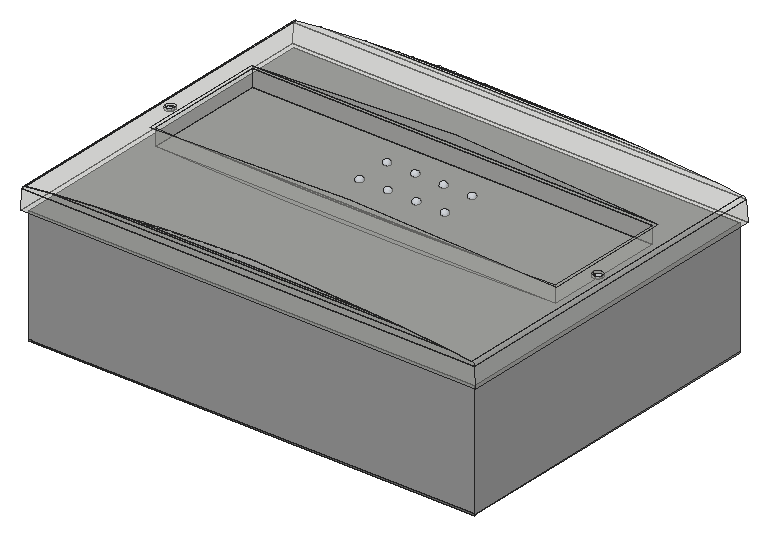
Revit family "Maxlogic Conventional Sounder expansion panel", category Fire Alarm Devices, host Face, Revit 2022
Family settings
  Host = Face
  Round Connector Dimension = Use Diameter
  Part Type = Normal
  OmniClass Number = 23.85.30.21
  OmniClass Title = Environmental Detection/Registration
  Cut with Voids When Loaded = No
  Maintain Annotation Orientation = Yes
  Shared = No
  Room Calculation Point = No
Parameters (values of type "Maxlogic Conventional Sounder expansion panel")
  Weight = ""
  Weatherproof surface mounting back box = ""
  Warranty Duration Unit = "Year"
  Warranty Duration Parts = "2"
  Warranty Duration Labor = "2"
  Version = ""
  URL = "https://www.mavili.com.tr/en"
  Recessed mounting base = ""
  Public Works Pose Number = ""
  Protection Sign = ""
  Product Code = "ML-0314"
  Phone Number = "(+)90 216 466 45 05"
  Operatonal Voltage (default) = ""
  Operating voltage range = ""
  Operating temperature = "(-5°C) - (+50°C)"
  Nominal Depth = "130 mm"
  Nominal Width = "400 mm"
  Nominal Height = "300 mm"
  Mounting surface = "Wall mount"
  Mounting height = ""
  Model = "Maxlogic"
  Manufacturer = "Mavili Elektronik Ticaret A.Ş."
  Installation Manual = "https://mavilielektronik.com/Revit/ML0314_kk.pdf"
  Indicator output = ""
  Fax Number = "(+)90 216 466 45 10"
  External supply = "220 V AC"
  Email = "mavili@mavili.com.tr"
  Disclaimer = ""
  Device Adress Setup = ""
  Description = "Conventional Sounder expansion panel"
  Default Elevation = 0 mm
  Current consumption = ""
  Cost unıt = ""
  Cost = 0
  Compatible sockets = ""
  Color = "White"
  Code Performance = "EN 54-4 / EN 54-18"
  Main Material = "Metal Grey"
  Secondary Material = "White Plastic ABS"
  Battery = "2 X (12V DC 7 Ah )"
  Assembly Code = ""
  Address line 1 = "Şerifali Mahallesi Kutup Sokak No:27/1-2-4 Ümraniye TR-34775 İSTANBUL"
Reference planes
  plane 1 "Center (Front/Back)": y = 0
  plane 2: z = 0
  plane 3 "Center (Left/Right)": x = 0
Forms (mm)
  Extrusion 1, solid, material "mavili arka kasa"
    sketch origin (-210, -150, 148.173) x (1, 0, 0) y (0, 0, -1)
      loop
        line (42.905, 45.3) -> (434.905, 45.3) -> (434.905, 146.904)
        arc (434.905, 146.904) -> (434.545, 147.715) -> (433.785, 148.173) r 1.476
        line (433.785, 148.173) -> (44.505, 148.173)
        arc (44.505, 148.173) -> (43.374, 147.704) -> (42.905, 146.573) r 1.6
        line (42.905, 146.573) -> (42.905, 45.3)
    from 0 to 300
  Extrusion 2, solid, material "Mavili beyaz"
    sketch origin (-210, -150, 180.173) x (1, 0, 0) y (0, 0, -1)
      loop
        line (38.905, 77.3) -> (39.824, 59.769)
        arc (39.824, 59.769) -> (40.651, 57.854) -> (42.526, 56.941) r 3
        arc (42.526, 56.941) -> (238.905, 47.3) -> (435.284, 56.941) r 2005
        arc (435.284, 56.941) -> (437.16, 57.854) -> (437.987, 59.769) r 3
        line (437.987, 59.769) -> (438.905, 77.3) -> (38.905, 77.3)
    from 0 to 300
  Extrusion 3, void
    sketch origin (-167.095, -150, 70.872) x (0, 0, 1) y (0, -1, 0)
      loop
        arc (-69.27, -296) -> (-70.403, -295.532) -> (-70.872, -294.4) r 1.6
        line (-70.872, -294.4) -> (-70.872, -300) -> (32, -300) -> (32, -296) -> (-69.27, -296)
    from 0 to 392
  Extrusion 4, void
    sketch origin (-167.095, 150, 70.872) x (0, 0, 1) y (0, -1, 0)
      loop
        line (-69.27, 296) -> (32, 296) -> (32, 300) -> (-70.872, 300) -> (-70.872, 294.4)
        arc (-70.872, 294.4) -> (-70.403, 295.532) -> (-69.27, 296) r 1.6
    from 0 to 392
  Extrusion 5, void
    sketch origin (-210, -150, 180.173) x (0, 0, -1) y (0, 1, 0)
      loop
        line (55.289, 116.326) -> (55.289, 228.158) -> (47.3, 228.297) -> (47.3, 111.721) -> (55.289, 116.326)
    from 24.201 to 445
  Extrusion 6, void
    sketch origin (-210, -150, 180.173) x (0, 0, -1) y (0, 1, 0)
      loop
        arc (47.3, 295.581) -> (48.124, 297.646) -> (50.143, 298.577) r 3
        line (50.143, 298.577) -> (51.913, 298.669) -> (55.057, 298.834) -> (59.769, 299.081) -> (77.3, 300) -> (50, 300) -> (47.3, 300) -> (47.3, 295.581)
    from 24.201 to 445
  Extrusion 7, void
    sketch origin (-210, 150, 180.173) x (0, 0, -1) y (0, 1, 0)
      loop
        line (47.3, -295.581) -> (47.3, -300) -> (50, -300) -> (77.3, -300) -> (59.769, -299.081) -> (55.057, -298.834) -> (51.913, -298.669) -> (50.143, -298.577)
        arc (50.143, -298.577) -> (48.124, -297.646) -> (47.3, -295.581) r 3
    from 24.201 to 445
  Extrusion 8, void
    sketch origin (-167.095, 146, 35.472) x (0, 0, -1) y (1, 0, 0)
      loop
        line (-13.523, 66.9) -> (-13.523, 68.054)
        arc (-13.523, 68.054) -> (-15, 68.144) -> (-16.477, 68.054) r 12.144
        line (-16.477, 68.054) -> (-16.477, 66.9)
        arc (-16.477, 66.9) -> (-26, 56.025) -> (-16.527, 45.106) r 11
        line (-16.527, 45.106) -> (-16.527, 43.952)
        arc (-16.527, 43.952) -> (-15, 43.856) -> (-13.473, 43.952) r 12.144
        line (-13.473, 43.952) -> (-13.473, 45.106)
        arc (-13.473, 45.106) -> (-4, 56.025) -> (-13.523, 66.9) r 11
    from 0 to 1
  Extrusion 9, void
    sketch origin (-127.095, 146, 35.472) x (0, 0, -1) y (1, 0, 0)
      loop
        line (-13.523, 66.9) -> (-13.523, 68.054)
        arc (-13.523, 68.054) -> (-15, 68.144) -> (-16.477, 68.054) r 12.144
        line (-16.477, 68.054) -> (-16.477, 66.9)
        arc (-16.477, 66.9) -> (-26, 56.025) -> (-16.527, 45.106) r 11
        line (-16.527, 45.106) -> (-16.527, 43.952)
        arc (-16.527, 43.952) -> (-15, 43.856) -> (-13.473, 43.952) r 12.144
        line (-13.473, 43.952) -> (-13.473, 45.106)
        arc (-13.473, 45.106) -> (-4, 56.025) -> (-13.523, 66.9) r 11
    from 0 to 1
  Extrusion 10, void
    sketch origin (-87.095, 146, 35.472) x (0, 0, -1) y (1, 0, 0)
      loop
        line (-13.523, 66.9) -> (-13.523, 68.054)
        arc (-13.523, 68.054) -> (-15, 68.144) -> (-16.477, 68.054) r 12.144
        line (-16.477, 68.054) -> (-16.477, 66.9)
        arc (-16.477, 66.9) -> (-26, 56.025) -> (-16.527, 45.106) r 11
        line (-16.527, 45.106) -> (-16.527, 43.952)
        arc (-16.527, 43.952) -> (-15, 43.856) -> (-13.473, 43.952) r 12.144
        line (-13.473, 43.952) -> (-13.473, 45.106)
        arc (-13.473, 45.106) -> (-4, 56.025) -> (-13.523, 66.9) r 11
    from 0 to 1
  Extrusion 11, void
    sketch origin (-47.095, 146, 35.472) x (0, 0, -1) y (1, 0, 0)
      loop
        line (-13.523, 66.9) -> (-13.523, 68.054)
        arc (-13.523, 68.054) -> (-15, 68.144) -> (-16.477, 68.054) r 12.144
        line (-16.477, 68.054) -> (-16.477, 66.9)
        arc (-16.477, 66.9) -> (-26, 56.025) -> (-16.527, 45.106) r 11
        line (-16.527, 45.106) -> (-16.527, 43.952)
        arc (-16.527, 43.952) -> (-15, 43.856) -> (-13.473, 43.952) r 12.144
        line (-13.473, 43.952) -> (-13.473, 45.106)
        arc (-13.473, 45.106) -> (-4, 56.025) -> (-13.523, 66.9) r 11
    from 0 to 1
  Extrusion 12, void
    sketch origin (-7.095, 146, 35.472) x (0, 0, -1) y (1, 0, 0)
      loop
        line (-13.523, 66.9) -> (-13.523, 68.054)
        arc (-13.523, 68.054) -> (-15, 68.144) -> (-16.477, 68.054) r 12.144
        line (-16.477, 68.054) -> (-16.477, 66.9)
        arc (-16.477, 66.9) -> (-26, 56.025) -> (-16.527, 45.106) r 11
        line (-16.527, 45.106) -> (-16.527, 43.952)
        arc (-16.527, 43.952) -> (-15, 43.856) -> (-13.473, 43.952) r 12.144
        line (-13.473, 43.952) -> (-13.473, 45.106)
        arc (-13.473, 45.106) -> (-4, 56.025) -> (-13.523, 66.9) r 11
    from 0 to 1
  Extrusion 13, void
    sketch origin (32.905, 146, 35.472) x (0, 0, -1) y (1, 0, 0)
      loop
        line (-13.523, 66.9) -> (-13.523, 68.054)
        arc (-13.523, 68.054) -> (-15, 68.144) -> (-16.477, 68.054) r 12.144
        line (-16.477, 68.054) -> (-16.477, 66.9)
        arc (-16.477, 66.9) -> (-26, 56.025) -> (-16.527, 45.106) r 11
        line (-16.527, 45.106) -> (-16.527, 43.952)
        arc (-16.527, 43.952) -> (-15, 43.856) -> (-13.473, 43.952) r 12.144
        line (-13.473, 43.952) -> (-13.473, 45.106)
        arc (-13.473, 45.106) -> (-4, 56.025) -> (-13.523, 66.9) r 11
    from 0 to 1
  Extrusion 14, void
    sketch origin (72.905, 146, 35.472) x (0, 0, -1) y (1, 0, 0)
      loop
        line (-13.523, 66.9) -> (-13.523, 68.054)
        arc (-13.523, 68.054) -> (-15, 68.144) -> (-16.477, 68.054) r 12.144
        line (-16.477, 68.054) -> (-16.477, 66.9)
        arc (-16.477, 66.9) -> (-26, 56.025) -> (-16.527, 45.106) r 11
        line (-16.527, 45.106) -> (-16.527, 43.952)
        arc (-16.527, 43.952) -> (-15, 43.856) -> (-13.473, 43.952) r 12.144
        line (-13.473, 43.952) -> (-13.473, 45.106)
        arc (-13.473, 45.106) -> (-4, 56.025) -> (-13.523, 66.9) r 11
    from 0 to 1
  Extrusion 15, void
    sketch origin (112.905, 146, 35.472) x (0, 0, -1) y (1, 0, 0)
      loop
        line (-13.523, 66.9) -> (-13.523, 68.054)
        arc (-13.523, 68.054) -> (-15, 68.144) -> (-16.477, 68.054) r 12.144
        line (-16.477, 68.054) -> (-16.477, 66.9)
        arc (-16.477, 66.9) -> (-26, 56.025) -> (-16.527, 45.106) r 11
        line (-16.527, 45.106) -> (-16.527, 43.952)
        arc (-16.527, 43.952) -> (-15, 43.856) -> (-13.473, 43.952) r 12.144
        line (-13.473, 43.952) -> (-13.473, 45.106)
        arc (-13.473, 45.106) -> (-4, 56.025) -> (-13.523, 66.9) r 11
    from 0 to 1
  Extrusion 16, void
    sketch origin (-210, -33.417, 124.884) x (-1, 0, 0) y (0, 1, 0)
      loop
        line (-62.836, 2.214) -> (-62.836, 108.579)
        spline (-62.836, 108.579) -> (-92.123, 108.62) -> (-121.442, 108.654) -> (-150.785, 108.681) -> (-180.148, 108.699) -> (-209.524, 108.711) -> (-238.905, 108.714) -> (-268.287, 108.711) -> (-297.662, 108.699) -> (-327.025, 108.681) -> (-356.369, 108.654) -> (-385.687, 108.62) -> (-414.974, 108.579)
        line (-414.974, 108.579) -> (-414.974, 2.214)
        spline (-414.974, 2.214) -> (-385.687, 0.847) -> (-356.369, -0.273) -> (-327.025, -1.144) -> (-297.662, -1.766) -> (-268.287, -2.14) -> (-238.905, -2.264) -> (-209.524, -2.14) -> (-180.148, -1.766) -> (-150.785, -1.144) -> (-121.442, -0.273) -> (-92.123, 0.847) -> (-62.836, 2.214)
    from 0 to 15
  Extrusion 17, void
    sketch origin (-210, -33.417, 124.884) x (-1, 0, 0) y (0, 1, 0)
      loop
        circle (-50.905, 33.417) r 4.25
    from 0 to 3
  Extrusion 18, solid
    sketch origin (-210, -33.442, 121.884) x (0, 1, 0) y (-1, 0, 0)
      loop
        line (35.753, -50.862) -> (34.597, -48.861) -> (32.286, -48.861) -> (31.13, -50.862) -> (32.286, -52.864) -> (34.597, -52.864) -> (35.753, -50.862)
    from 0 to 1
  Extrusion 19, void
    sketch origin (267.811, -33.417, 124.884) x (-1, 0, 0) y (0, 1, 0)
      loop
        circle (50.905, 33.417) r 4.25
    from 0 to 3
  Extrusion 20, solid
    sketch origin (267.811, -33.442, 121.884) x (0, 1, 0) y (-1, 0, 0)
      loop
        line (35.753, 50.862) -> (34.597, 52.864) -> (32.286, 52.864) -> (31.13, 50.862) -> (32.286, 48.861) -> (34.597, 48.861) -> (35.753, 50.862)
    from 0 to 1
  Revolve 21, solid
    sketch origin (-210, -33.417, 109.884) x (-1, 0, 0) y (0, -1, 0)
      loop
        line (-201.077, -86.417) -> (-201.077, -80.417)
        arc (-201.077, -80.417) -> (-204.077, -83.417) -> (-201.077, -86.417) r 3
      axis (-201.077, -86.417) -> (-201.077, -80.417)
    angle from 0 to -180
  Revolve 22, solid
    sketch origin (-185, -33.417, 109.884) x (-1, 0, 0) y (0, -1, 0)
      loop
        line (-201.077, -86.417) -> (-201.077, -80.417)
        arc (-201.077, -80.417) -> (-204.077, -83.417) -> (-201.077, -86.417) r 3
      axis (-201.077, -86.417) -> (-201.077, -80.417)
    angle from 0 to -180
  Revolve 23, solid
    sketch origin (-160, -33.417, 109.884) x (-1, 0, 0) y (0, -1, 0)
      loop
        line (-201.077, -86.417) -> (-201.077, -80.417)
        arc (-201.077, -80.417) -> (-204.077, -83.417) -> (-201.077, -86.417) r 3
      axis (-201.077, -86.417) -> (-201.077, -80.417)
    angle from 0 to -180
  Revolve 24, solid
    sketch origin (-135, -33.417, 109.884) x (-1, 0, 0) y (0, -1, 0)
      loop
        line (-201.077, -86.417) -> (-201.077, -80.417)
        arc (-201.077, -80.417) -> (-204.077, -83.417) -> (-201.077, -86.417) r 3
      axis (-201.077, -86.417) -> (-201.077, -80.417)
    angle from 0 to -180
  Revolve 25, solid
    sketch origin (-210, -63.417, 109.884) x (-1, 0, 0) y (0, -1, 0)
      loop
        line (-201.077, -86.417) -> (-201.077, -80.417)
        arc (-201.077, -80.417) -> (-204.077, -83.417) -> (-201.077, -86.417) r 3
      axis (-201.077, -86.417) -> (-201.077, -80.417)
    angle from 0 to -180
  Revolve 26, solid
    sketch origin (-185, -63.417, 109.884) x (-1, 0, 0) y (0, -1, 0)
      loop
        line (-201.077, -86.417) -> (-201.077, -80.417)
        arc (-201.077, -80.417) -> (-204.077, -83.417) -> (-201.077, -86.417) r 3
      axis (-201.077, -86.417) -> (-201.077, -80.417)
    angle from 0 to -180
  Revolve 27, solid
    sketch origin (-160, -63.417, 109.884) x (-1, 0, 0) y (0, -1, 0)
      loop
        line (-201.077, -86.417) -> (-201.077, -80.417)
        arc (-201.077, -80.417) -> (-204.077, -83.417) -> (-201.077, -86.417) r 3
      axis (-201.077, -86.417) -> (-201.077, -80.417)
    angle from 0 to -180
  Revolve 28, solid
    sketch origin (-135, -63.417, 109.884) x (-1, 0, 0) y (0, -1, 0)
      loop
        line (-201.077, -86.417) -> (-201.077, -80.417)
        arc (-201.077, -80.417) -> (-204.077, -83.417) -> (-201.077, -86.417) r 3
      axis (-201.077, -86.417) -> (-201.077, -80.417)
    angle from 0 to -180
Cuts and joins
  Extrusion 3, Extrusion 4, Extrusion 8, Extrusion 9, Extrusion 10, Extrusion 11, Extrusion 12, Extrusion 13, Extrusion 14, Extrusion 15 cuts Extrusion 1
  Extrusion 3, Extrusion 4, Extrusion 5, Extrusion 6, Extrusion 7, Extrusion 16, Extrusion 17, Extrusion 19 cuts Extrusion 2
  Extrusion 19 cuts Extrusion 18
Dimensions and locks
  aligned and locked: plane 2 to host face
  aligned and locked: level to host face
Connectors
  electrical at (29.145, 0, 0)
    settings: on cut or joined group of Extrusion 1, Extrusion 3, Extrusion 4, Extrusion 8, Extrusion 9, Extrusion 10, Extrusion 11, Extrusion 12, Extrusion 13, Extrusion 14, Extrusion 15, index 1, voltage 0 V, apparent load 0 VA, apparent load phase1 0 VA, apparent load phase2 0 VA, apparent load phase3 0 VA, power factor 1, load classification "Other", number of poles 1, system type 31, power factor state 1, is connector primary yes, connector utility no, sub classification motor no, connector description ""
